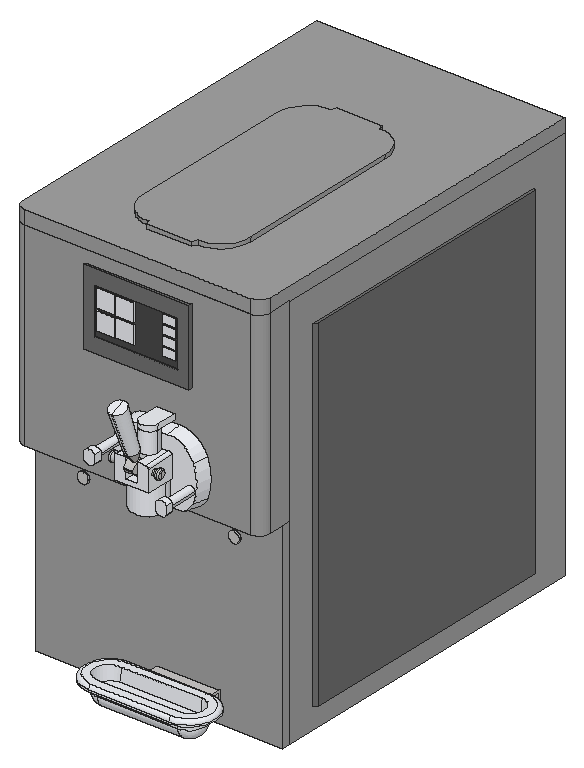
Revit family "QF_ELECTROLUXPROFESSIONAL_560063_CAP114DPA3PHCM", category Specialty Equipment, Revit 2018
Family settings
  Round Connector Dimension = Use Diameter
  Part Type = Normal
  Work Plane-Based = No
  Always vertical = Yes
  Cut with Voids When Loaded = No
  Shared = No
  Room Calculation Point = No
Parameters
  Watts = 0 W
  HP = ""
  Direct Waste Size = 0 mm
Reference planes
  plane 1 "Center (Front/Back)": y = 0
  plane 2: z = 0
  plane 3 "Center (Left/Right)": x = 0
  plane 4 "BASE": z = 30
  plane 5 "TOP": z = 797
  plane 6 "FRONT": y = -417
  plane 7 "BACK": y = 417
  plane 8 "LEFT": x = -232.5
  plane 9 "RIGHT": x = 232.5
  plane 10 "PLANE": z = 105
  plane 11: z = 399
  plane 12: y = 287
  plane 13: y = -111
  plane 14: x = -147
  plane 15: x = 147
  plane 16: y = 410
  plane 17: y = 390
  plane 18 "Panel": y = -227
  plane 19 "CenterX": y = -330.377
  plane 20 "CenterY": x = 48.589
  plane 21 "DispenserX": z = 502.906
  plane 22 "HoleY": y = -359.094
  plane 23: y = -378
Forms (mm)
  Extrusion 1, solid, material "QF_Finishes_Rubber Black"
    sketch origin (0, 0, 0) x (1, 0, 0) y (0, 1, 0)
      loop
        circle (-147, 287) r 20
    from 30 to 0
  Extrusion 2, solid, material "QF_Finishes_Rubber Black"
    sketch origin (0, 0, 0) x (1, 0, 0) y (0, 1, 0)
      loop
        circle (-147, -111) r 20
    from 30 to 0
  Extrusion 3, solid, material "QF_Finishes_Rubber Black"
    sketch origin (5, 0, 0) x (1, 0, 0) y (0, 1, 0)
      loop
        circle (142.097, 287) r 20
    from 30 to 0
  Extrusion 4, solid, material "QF_Finishes_Rubber Black"
    sketch origin (0, 0, 0) x (1, 0, 0) y (0, 1, 0)
      loop
        circle (142.097, -111) r 20
    from 30 to 0
  Extrusion 5, solid, material "QF_Finishes_Rubber Black"
    sketch origin (0, 0, 0) x (1, 0, 0) y (0, 1, 0)
      loop
        line (200, 410) -> (193, 417) -> (-193, 417) -> (-200, 410) -> (200, 410)
    from 70 to 705
  Extrusion 6, solid, material "QF_Finishes_Rubber Black"
    sketch origin (0, 0, 0) x (1, 0, 0) y (0, 1, 0)
      loop
        line (225.5, 338.446) -> (225.5, -174.757) -> (232.5, -167.757) -> (232.5, 331.446) -> (225.5, 338.446)
    from 70 to 705
  Extrusion 7, solid, material "QF_Finishes_Gray"
    sketch origin (0, 0, 0) x (1, 0, 0) y (0, 1, 0)
      loop
        line (-232.5, 410) -> (-232.5, -227) -> (225.5, -227) -> (225.5, 410) -> (-232.5, 410)
    from 765 to 30
  Extrusion 8, solid, material "QF_Finishes_Gray"
    sketch origin (0, 0, 0) x (1, 0, 0) y (0, 1, 0)
      loop
        line (-100, 152.026) -> (-100, -159.18)
        arc (-100, -159.18) -> (-83.917, -198.045) -> (-45.075, -214.18) r 55
        line (-45.075, -214.18) -> (-41.655, -223.577) -> (41.655, -223.577) -> (45.075, -214.18)
        arc (45.075, -214.18) -> (83.917, -198.045) -> (100, -159.18) r 55
        line (100, -159.18) -> (100, 152.026)
        arc (100, 152.026) -> (83.917, 190.89) -> (45.075, 207.026) r 55
        line (45.075, 207.026) -> (41.655, 216.423) -> (-41.655, 216.423) -> (-45.075, 207.026)
        arc (-45.075, 207.026) -> (-83.917, 190.89) -> (-100, 152.026) r 55
    from 797 to 790
  Extrusion 9, solid, material "QF_Finishes_Gray"
    sketch origin (0, 0, 0) x (1, 0, 0) y (0, 1, 0)
      loop
        line (-232.5, 410) -> (-232.5, -270.442)
        arc (-232.5, -270.442) -> (-226.642, -284.584) -> (-212.5, -290.442) r 20
        line (-212.5, -290.442) -> (205.5, -290.442)
        arc (205.5, -290.442) -> (219.642, -284.584) -> (225.5, -270.442) r 20
        line (225.5, -270.442) -> (225.5, 410) -> (-232.5, 410)
    from 790 to 765
  Extrusion 10, solid, material "QF_Finishes_Gray"
    sketch origin (0, 0, 0) x (1, 0, 0) y (0, 1, 0)
      loop
        arc (-232.5, -270.442) -> (-226.642, -284.584) -> (-212.5, -290.442) r 20
        line (-212.5, -290.442) -> (205.5, -290.442)
        arc (205.5, -290.442) -> (219.642, -284.584) -> (225.5, -270.442) r 20
        line (225.5, -270.442) -> (225.5, -227) -> (-232.5, -227) -> (-232.5, -270.442)
    from 399 to 765
  Extrusion 11, solid, material "QF_Finishes_Gray"
    sketch origin (0, 0, 0) x (1, 0, 0) y (0, 1, 0)
      loop
        line (-232.5, -227) -> (-232.5, -242) -> (225.5, -242) -> (225.5, -227) -> (-232.5, -227)
    from 30 to 399
  Extrusion 12, solid, material "QF_Finishes_Rubber Black"
    sketch origin (0, -417, 0) x (-1, 0, 0) y (0, 0, 1)
      loop
        line (-95, 742) -> (-95, 602) -> (100, 602) -> (100, 742) -> (-95, 742)
      loop
        line (80, 715) -> (-75, 715) -> (-75, 629) -> (80, 629) -> (80, 715)
    from 131.011 to 121
  Extrusion 13, solid, material "QF_Plastic-Black-Matte"
    sketch origin (0, -417, 0) x (-1, 0, 0) y (0, 0, 1)
      loop
        line (80, 715) -> (-75, 715) -> (-75, 629) -> (80, 629) -> (80, 715)
    from 131.011 to 123
  Blend 14, solid, material "QF_Finishes_White"
    base sketch origin (0, -417, 0) x (-1, 0, 0) y (0, 0, 1)
      loop
        line (-17.867, 534.877) -> (-72.867, 534.877)
        arc (-72.867, 534.877) -> (-104.498, 524.904) -> (-124.689, 498.591) r 55.147
        arc (-124.689, 498.591) -> (-130.721, 464.381) -> (-124.689, 430.171) r 100.024
        arc (-124.689, 430.171) -> (-109.879, 411.813) -> (-86.926, 406.378) r 36.422
        line (-86.926, 406.378) -> (-13.841, 406.378)
        arc (-13.841, 406.378) -> (11.118, 423.732) -> (28.657, 448.561) r 87.736
        arc (28.657, 448.561) -> (32.359, 477.841) -> (28.62, 507.117) r 117.056
        arc (28.62, 507.117) -> (9.205, 527.409) -> (-17.867, 534.877) r 52.805
    top sketch origin (0, -417, 0) x (-1, 0, 0) y (0, 0, 1)
      loop
        arc (23.932, 505.269) -> (6.385, 523.268) -> (-17.867, 529.877) r 47.805
        line (-17.867, 529.877) -> (-72.867, 529.877)
        arc (-72.867, 529.877) -> (-101.631, 520.808) -> (-119.99, 496.881) r 50.147
        arc (-119.99, 496.881) -> (-125.721, 464.381) -> (-119.99, 431.881) r 95.024
        arc (-119.99, 431.881) -> (-107.114, 415.981) -> (-87.178, 411.378) r 31.422
        line (-87.178, 411.378) -> (-14.959, 411.378)
        arc (-14.959, 411.378) -> (7.813, 427.497) -> (23.932, 450.269) r 82.736
        arc (23.932, 450.269) -> (27.359, 477.769) -> (23.932, 505.269) r 112.056
    from 126.558 to 100
  Sweep 15, solid, material "QF_Finishes_White"
    path origin (0, -0.902, 0) x (1, 0, 0) y (0, 1, 0)
      loop
        arc (124.288, -379.34) -> (174.152, -329.476) -> (124.288, -279.611) r 49.864
        line (124.288, -279.611) -> (-24.465, -279.611)
        arc (-24.465, -279.611) -> (-74.329, -329.476) -> (-24.465, -379.34) r 49.864
        line (-24.465, -379.34) -> (124.288, -379.34)
    profile origin (49.912, -380.242, 0) x (0, -1, 0) y (0, 0, 1)
      loop
        arc (-40, 56.47) -> (-27.38, 64.297) -> (-22.447, 78.305) r 22.357
        line (-22.447, 78.305) -> (-20.953, 95.387) -> (-2.242, 95.387) -> (-2.242, 98.387)
        arc (-2.242, 98.387) -> (-4.179, 103.063) -> (-8.855, 105) r 6.613
        line (-8.855, 105) -> (-23.219, 105) -> (-25.397, 80.095) -> (-40, 80.095) -> (-40, 56.47)
  Revolve 16, solid, material "QF_Finishes_White"
    sketch origin (0, -330.377, 0) x (-1, 0, 0) y (0, 0, 1)
      loop
        line (-17, 458.985) -> (-45.961, 458.985) -> (-45.961, 502.906) -> (-32, 502.906) -> (-32, 540.7) -> (-48.589, 540.7) -> (-48.589, 399)
        arc (-48.589, 399) -> (-35.782, 401.599) -> (-25, 408.985) r 32.856
        line (-25, 408.985) -> (-17, 408.985) -> (-17, 458.985)
      axis (-48.589, 399) -> (-48.589, 540.7)
    angle from 0 to 360
  Extrusion 17, solid, material "QF_Finishes_White"
    sketch origin (0, -417, 0) x (-1, 0, 0) y (0, 0, 1)
      loop
        line (-80.178, 458.985) -> (-17, 458.985) -> (-17, 497.906)
        arc (-17, 497.906) -> (-18.465, 501.442) -> (-22, 502.906) r 5
        line (-22, 502.906) -> (-37.291, 502.906) -> (-37.291, 466.693) -> (-59.888, 466.693) -> (-59.888, 502.906) -> (-75.178, 502.906)
        arc (-75.178, 502.906) -> (-78.714, 501.442) -> (-80.178, 497.906) r 5
        line (-80.178, 497.906) -> (-80.178, 458.985)
    from 46.352 to 100
  Extrusion 18, solid, material "QF_Finishes_Stainless Steel"
    sketch origin (48.589, 0, 0) x (0, -1, 0) y (0, 0, 1)
      loop
        arc (378.299, 489.717) -> (371.207, 497.676) -> (361.14, 501.185) r 21.226
        line (361.14, 501.185) -> (357.048, 501.185) -> (325.071, 496.12)
        arc (325.071, 496.12) -> (320.535, 488.808) -> (325.071, 481.495) r 8.163
        line (325.071, 481.495) -> (357.048, 476.43) -> (361.14, 476.43)
        arc (361.14, 476.43) -> (371.207, 479.939) -> (378.299, 487.898) r 21.226
        line (378.299, 487.898) -> (378.299, 489.717)
    from -9 to 9
  Revolve 19, solid, material "QF_Finishes_Stainless Steel"
    sketch origin (48.589, 0, 0) x (0, -1, 0) y (0, 0, 1)
      loop
        line (363.235, 499.595) -> (370.502, 518.527) -> (359.094, 522.906) -> (359.094, 501.185) -> (363.235, 499.595)
      axis (363.235, 499.595) -> (370.502, 518.527)
    angle from 0 to 360
  Revolve 20, solid, material "QF_Finishes_White"
    sketch origin (48.589, 0, 0) x (0, -1, 0) y (0, 0, 1)
      loop
        line (359.094, 522.906) -> (370.502, 518.527) -> (402.736, 602.498) -> (388.395, 608.003) -> (359.094, 522.906)
      axis (370.502, 518.527) -> (402.736, 602.498)
    angle from 0 to 360
  Extrusion 21, solid, material "QF_Finishes_White"
    sketch origin (0, -417, 0) x (-1, 0, 0) y (0, 0, 1)
      loop
        circle (-114.635, 451.539) r 7.506
    from 45 to 100
  Extrusion 22, solid, material "QF_Finishes_White"
    sketch origin (0, -417, 0) x (-1, 0, 0) y (0, 0, 1)
      loop
        arc (-104.635, 459.044) -> (-114.635, 464.044) -> (-124.635, 459.044) r 12.5
        line (-124.635, 459.044) -> (-124.635, 444.044)
        arc (-124.635, 444.044) -> (-114.635, 439.044) -> (-104.635, 444.044) r 12.5
        line (-104.635, 444.044) -> (-104.635, 459.044)
    from 32 to 45
  Extrusion 23, solid, material "QF_Finishes_White"
    sketch origin (97.179, -417, 40) x (1, 0, 0) y (0, 0, -1)
      loop
        circle (-114.635, -451.539) r 7.506
    from 45 to 100
  Extrusion 24, solid, material "QF_Finishes_White"
    sketch origin (97.179, -417, 38.705) x (1, 0, 0) y (0, 0, -1)
      loop
        line (-104.635, -459.044) -> (-104.635, -444.044)
        arc (-104.635, -444.044) -> (-114.635, -439.044) -> (-124.635, -444.044) r 12.5
        line (-124.635, -444.044) -> (-124.635, -459.044)
        arc (-124.635, -459.044) -> (-114.635, -464.044) -> (-104.635, -459.044) r 12.5
    from 32 to 45
  Extrusion 25, solid, material "QF_Finishes_White"
    sketch origin (0, 0.327, 502.906) x (-1, 0, 0) y (0, -1, 0)
      loop
        arc (-32, 330.377) -> (-48.589, 346.966) -> (-65.178, 330.377) r 16.589
        line (-65.178, 330.377) -> (-65.178, 292.42) -> (-32, 292.42) -> (-32, 330.377)
    from 37.793 to 47.43
  Extrusion 26, solid, material "QF_Finishes_White"
    sketch origin (0, -0.902, 105) x (0, 1, 0) y (-1, 0, 0)
      loop
        arc (-319.611, 24.465) -> (-329.476, 34.329) -> (-339.34, 24.465) r 9.864
        line (-339.34, 24.465) -> (-339.34, -124.288)
        arc (-339.34, -124.288) -> (-329.476, -134.152) -> (-319.611, -124.288) r 9.864
        line (-319.611, -124.288) -> (-319.611, 24.465)
    from -48.53 to -24.905
  Extrusion 27, solid, material "QF_Finishes_Stainless Steel"
    sketch origin (48.589, 0, 0) x (0, -1, 0) y (0, 0, 1)
      loop
        line (280.513, 95.387) -> (280.513, 85.387) -> (242, 85.387) -> (242, 42.387) -> (245, 42.387) -> (245, 82.387) -> (283.513, 82.387) -> (283.513, 95.387) -> (280.513, 95.387)
    from -60.17 to 55.108
  Extrusion 28, void
    sketch origin (48.589, 0, 0) x (0, -1, 0) y (0, 0, 1)
      loop
        circle (359.094, 488.808) r 5
    from -31.589 to 31.589
  Revolve 29, solid, material "QF_Finishes_Stainless Steel"
    sketch origin (0, -359.094, 0) x (0, 0, 1) y (1, 0, 0)
      loop
        line (493.808, 80.178) -> (493.808, 84.651) -> (497.46, 89.868) -> (497.46, 92.697) -> (495.124, 95.033) -> (488.808, 95.033) -> (488.808, 80.178) -> (493.808, 80.178)
      loop
        line (493.808, 17) -> (488.808, 17) -> (488.808, 2.146) -> (495.124, 2.146) -> (497.46, 4.482) -> (497.46, 7.311) -> (493.808, 12.528) -> (493.808, 17)
      axis (488.808, 2.146) -> (488.808, 95.033)
    angle from 0 to 360
  Extrusion 30, solid, material "QF_Finishes_Stainless Steel"
    sketch origin (0, -227, 0) x (1, 0, 0) y (0, 0, 1)
      loop
        circle (-142.42, 350.164) r 10
      loop
        circle (137.549, 350.164) r 10
    from 15 to 17.498
  Extrusion 31, solid, material "QF_Finishes_Stainless Steel"
    sketch origin (0, 0, 30) x (-1, 0, 0) y (0, -1, 0)
      loop
        circle (-170.5, -192) r 20
    from 0 to -11.079
  Extrusion 32, solid, material "QF_Finishes_White"
    sketch origin (0, -417, 0) x (-1, 0, 0) y (0, 0, 1)
      loop
        line (75, 711) -> (42, 711) -> (42, 678) -> (75, 678) -> (75, 711)
      loop
        line (75, 641) -> (75, 674) -> (42, 674) -> (42, 641) -> (75, 641)
      loop
        line (40, 711) -> (7, 711) -> (7, 678) -> (40, 678) -> (40, 711)
      loop
        line (40, 641) -> (40, 674) -> (7, 674) -> (7, 641) -> (40, 641)
      loop
        line (-70, 711) -> (-70, 696) -> (-46, 696) -> (-46, 711) -> (-70, 711)
      loop
        line (-70, 678) -> (-46, 678) -> (-46, 693) -> (-70, 693) -> (-70, 678)
      loop
        line (-70, 674) -> (-70, 659) -> (-46, 659) -> (-46, 674) -> (-70, 674)
      loop
        line (-70, 641) -> (-46, 641) -> (-46, 656) -> (-70, 656) -> (-70, 641)
    from 123 to 121
Cuts and joins
  Extrusion 28 cuts Extrusion 17
  Extrusion 28 cuts Extrusion 18
  Extrusion 28 cuts Extrusion 23
  joined: Sweep 15, Extrusion 26
Lines and regions (mm)
  symbolic lines
    curve 1: line (-232.5, 410, 30) -> (-232.5, -270.442, 30)
    curve 2: arc (-232.5, -270.442, 30) -> (-226.642, -284.584, 30) -> (-212.5, -290.442, 30) r 20
    curve 3: line (-212.5, -290.442, 30) -> (205.5, -290.442, 30)
    curve 4: arc (205.5, -290.442, 30) -> (219.642, -284.584, 30) -> (225.5, -270.442, 30) r 20
    curve 5: line (225.5, -270.442, 30) -> (225.5, 410, 30)
    curve 6: line (225.5, 410, 30) -> (-232.5, 410, 30)
    curve 7: line (-193, 417, 30) -> (-200, 410, 30)
    curve 8: line (193, 417, 30) -> (-193, 417, 30)
    curve 9: line (200, 410, 30) -> (193, 417, 30)
    curve 10: line (232.5, 331.446, 30) -> (225.5, 338.446, 30)
    curve 11: line (232.5, -167.757, 30) -> (232.5, 331.446, 30)
    curve 12: line (225.5, -174.757, 30) -> (232.5, -167.757, 30)
    curve 13: line (-41.655, -223.577, 30) -> (41.655, -223.577, 30)
    curve 14: line (-45.075, -214.18, 30) -> (-41.655, -223.577, 30)
    curve 15: line (41.655, -223.577, 30) -> (45.075, -214.18, 30)
    curve 16: arc (45.075, -214.18, 30) -> (83.917, -198.045, 30) -> (100, -159.18, 30) r 55
    curve 17: arc (-100, -159.18, 30) -> (-83.917, -198.045, 30) -> (-45.075, -214.18, 30) r 55
    curve 18: line (-100, 152.026, 30) -> (-100, -159.18, 30)
    curve 19: line (100, -159.18, 30) -> (100, 152.026, 30)
    curve 20: arc (100, 152.026, 30) -> (83.917, 190.89, 30) -> (45.075, 207.026, 30) r 55
    curve 21: line (45.075, 207.026, 30) -> (41.655, 216.423, 30)
    curve 22: line (41.655, 216.423, 30) -> (-41.655, 216.423, 30)
    curve 23: line (-41.655, 216.423, 30) -> (-45.075, 207.026, 30)
    curve 24: arc (-45.075, 207.026, 30) -> (-83.917, 190.89, 30) -> (-100, 152.026, 30) r 55
    curve 25: line (-100, -290.442, 30) -> (-100, -296, 30)
    curve 26: line (-100, -296, 30) -> (95, -296, 30)
    curve 27: line (95, -296, 30) -> (95, -290.442, 30)
    curve 28: line (65.178, -330.051, 30) -> (65.178, -296, 30)
    curve 29: line (32, -296, 30) -> (32, -330.051, 30)
    curve 30: arc (32, -330.051, 30) -> (48.589, -346.64, 30) -> (65.178, -330.051, 30) r 16.589
    curve 31: arc (127.808, -306.165, 30) -> (148.691, -332.142, 30) -> (124.288, -354.844, 30) r 24.467
    curve 32: arc (124.288, -357.023, 30) -> (150.861, -332.349, 30) -> (128.221, -304.023, 30) r 26.646
    curve 33: arc (-24.465, -354.844, 30) -> (-48.805, -332.857, 30) -> (-29.399, -306.413, 30) r 24.467
    curve 34: arc (-29.811, -304.273, 30) -> (-50.975, -333.064, 30) -> (-24.465, -357.023, 30) r 26.646
    curve 35: line (-27.457, -372, 30) -> (-27.457, -385, 30)
    curve 36: line (-7.457, -372, 30) -> (-27.457, -372, 30)
    curve 37: line (-27.457, -385, 30) -> (-7.457, -385, 30)
    curve 38: line (-7.457, -385, 30) -> (-7.457, -372, 30)
    curve 39: line (104.635, -385, 30) -> (124.635, -385, 30)
    curve 40: line (124.635, -385, 30) -> (124.635, -372, 30)
    curve 41: line (124.635, -372, 30) -> (104.635, -372, 30)
    curve 42: line (104.635, -372, 30) -> (104.635, -385, 30)
    curve 43: spline (48.589, -388.395, 30) -> (52.565, -388.884, 30) -> (56.27, -390.316, 30) -> (59.451, -392.595, 30) -> (61.892, -395.565, 30) -> (63.427, -399.024, 30) -> (63.95, -402.736, 30) -> (63.427, -406.447, 30) -> (61.892, -409.906, 30) -> (59.451, -412.876, 30) -> (56.27, -415.155, 30) -> (52.565, -416.588, 30) -> (48.589, -417.076, 30)
    curve 44: spline (48.589, -417.076, 30) -> (44.614, -416.588, 30) -> (40.909, -415.155, 30) -> (37.728, -412.876, 30) -> (35.286, -409.906, 30) -> (33.752, -406.447, 30) -> (33.228, -402.736, 30) -> (33.752, -399.024, 30) -> (35.286, -395.565, 30) -> (37.728, -392.595, 30) -> (40.909, -390.316, 30) -> (44.614, -388.884, 30) -> (48.589, -388.395, 30)
    curve 45: spline (60.731, -369.213, 30) -> (60.04, -366.518, 30) -> (58.673, -364.058, 30) -> (56.711, -361.978, 30) -> (54.27, -360.401, 30) -> (51.493, -359.421, 30) -> (48.546, -359.094, 30) -> (45.601, -359.44, 30) -> (42.832, -360.439, 30) -> (40.403, -362.032, 30) -> (38.457, -364.125, 30) -> (37.109, -366.594, 30) -> (36.438, -369.294, 30)
    curve 46: line (39.589, -343.986, 30) -> (39.589, -362.785, 30)
    curve 47: line (37.291, -366.156, 30) -> (37.291, -342.197, 30)
    curve 48: line (57.589, -357.048, 30) -> (39.589, -357.048, 30)
    curve 49: line (39.589, -361.14, 30) -> (41.606, -361.14, 30)
    curve 50: line (59.888, -342.197, 30) -> (59.888, -366.156, 30)
    curve 51: line (57.589, -362.785, 30) -> (57.589, -343.986, 30)
    curve 52: line (17, -370.648, 30) -> (36.306, -370.648, 30)
    curve 53: line (17, -317, 30) -> (17, -370.648, 30)
    curve 54: line (36.438, -369.294, 30) -> (33.293, -401.419, 30)
    curve 55: line (60.731, -369.213, 30) -> (63.833, -400.965, 30)
    curve 56: line (55.572, -361.14, 30) -> (57.589, -361.14, 30)
    curve 57: line (60.871, -370.648, 30) -> (80.178, -370.648, 30)
    curve 58: line (-24.964, -372, 30) -> (-24.964, -317, 30)
    curve 59: line (-9.951, -372, 30) -> (-9.951, -317, 30)
    curve 60: line (-9.951, -354.844, 30) -> (2.146, -354.844, 30)
    curve 61: line (-9.951, -357.023, 30) -> (2.146, -357.023, 30)
    curve 62: line (2.146, -365.41, 30) -> (2.146, -352.778, 30)
    curve 63: line (2.146, -352.778, 30) -> (4.476, -350.447, 30)
    curve 64: line (4.476, -350.447, 30) -> (7.296, -350.447, 30)
    curve 65: line (7.296, -350.447, 30) -> (12.528, -354.094, 30)
    curve 66: line (12.528, -354.094, 30) -> (17, -354.094, 30)
    curve 67: line (12.528, -354.094, 30) -> (12.528, -364.094, 30)
    curve 68: line (2.146, -365.41, 30) -> (4.476, -367.74, 30)
    curve 69: line (4.476, -367.74, 30) -> (7.296, -367.74, 30)
    curve 70: line (7.296, -367.74, 30) -> (12.528, -364.094, 30)
    curve 71: line (4.476, -367.74, 30) -> (4.476, -350.447, 30)
    curve 72: line (7.296, -350.447, 30) -> (7.296, -367.74, 30)
    curve 73: line (12.528, -364.094, 30) -> (17, -364.094, 30)
    curve 74: line (122.143, -372, 30) -> (122.143, -317, 30)
    curve 75: line (107.13, -372, 30) -> (107.13, -317, 30)
    curve 76: line (107.13, -354.844, 30) -> (95.033, -354.844, 30)
    curve 77: line (107.13, -357.023, 30) -> (95.033, -357.023, 30)
    curve 78: line (95.033, -365.41, 30) -> (95.033, -352.778, 30)
    curve 79: line (95.033, -352.778, 30) -> (92.703, -350.447, 30)
    curve 80: line (92.703, -350.447, 30) -> (89.882, -350.447, 30)
    curve 81: line (89.882, -350.447, 30) -> (84.651, -354.094, 30)
    curve 82: line (84.651, -354.094, 30) -> (80.178, -354.094, 30)
    curve 83: line (84.651, -354.094, 30) -> (84.651, -364.094, 30)
    curve 84: line (95.033, -365.41, 30) -> (92.703, -367.74, 30)
    curve 85: line (92.703, -367.74, 30) -> (89.882, -367.74, 30)
    curve 86: line (89.882, -367.74, 30) -> (84.651, -364.094, 30)
    curve 87: line (92.703, -367.74, 30) -> (92.703, -350.447, 30)
    curve 88: line (89.882, -350.447, 30) -> (89.882, -367.74, 30)
    curve 89: line (84.651, -364.094, 30) -> (80.178, -364.094, 30)
    curve 90: line (80.178, -317, 30) -> (80.178, -370.648, 30)
    curve 91: line (-27.359, -317, 30) -> (-31.405, -296, 30)
    curve 92: line (-23.932, -317, 30) -> (-27.639, -296, 30)
    curve 93: line (-27.359, -317, 30) -> (32, -317, 30)
    curve 94: line (125.721, -317, 30) -> (130.838, -290.442, 30)
    curve 95: line (122.294, -317, 30) -> (126.982, -290.442, 30)
    curve 96: line (125.721, -317, 30) -> (65.178, -317, 30)
    curve 97: arc (-27.457, -377.906, 30) -> (-69.188, -346.739, 30) -> (-57.421, -296, 30) r 47.623
    curve 98: line (124.288, -354.844, 30) -> (122.143, -354.844, 30)
    curve 99: line (124.288, -357.023, 30) -> (122.143, -357.023, 30)
    curve 100: arc (150.232, -290.442, 30) -> (169.998, -343.74, 30) -> (124.635, -377.999, 30) r 47.623
    curve 101: line (-7.457, -378, 30) -> (35.586, -378, 30)
    curve 102: line (61.589, -378, 30) -> (104.635, -378, 30)
Dimensions and locks
  plane 4 "BASE" to level = 30.0 mm
  plane 5 "TOP" to level = 797.0 mm
  plane 7 "BACK" to plane 6 "FRONT" = 834.0 mm
  plane 8 "LEFT" to plane 9 "RIGHT" = 465.0 mm
  plane 9 "RIGHT" to plane 8 "LEFT" = 465.0 mm
  plane 10 "PLANE" to level = 105.0 mm
  plane 11 to plane 10 "PLANE" = 294.0 mm
  plane 7 "BACK" to plane 12 = 130.0 mm
  plane 13 to plane 12 = 398.0 mm
  plane 16 to plane 7 "BACK" = 7.0 mm
  plane 17 to plane 16 = 20.0 mm
  plane 18 "Panel" to plane 17 = 617.0 mm
  plane 14 to plane 15 = 294.0 mm
  plane 23 to plane 7 "BACK" = 795.0 mm
  plane 7 "BACK" to plane 23 = 795.0 mm
  radius of Extrusion 30 sketch curve = 10.0 mm
  aligned and locked: level to plane 2
Connectors
  electrical at (170.5, 192, 18.921)
    settings: on Extrusion 31, index 1, voltage 0 V, apparent load 0 VA, apparent load phase1 0 VA, apparent load phase2 0 VA, apparent load phase3 0 VA, power factor 1, load classification "Other", number of poles 1, system type 30, power factor state 1, is connector primary yes, connector utility no, sub classification motor no, connector description "Electrical Connection"
